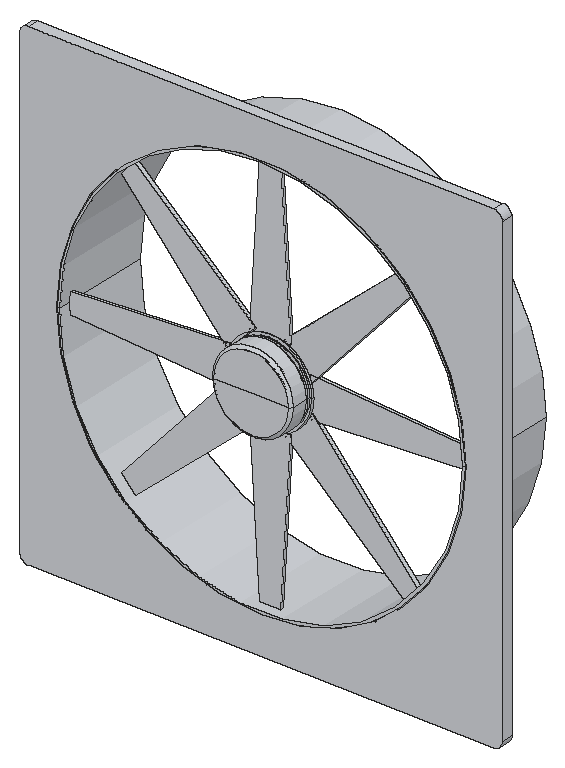
Revit family "CADS_Vent-Axia_MechEquip_Fan_ESP_3Ph4P - EXTRACT", category Mechanical Equipment, Revit 2020
Family settings
  Round Connector Dimension = Use Diameter
  Part Type = Normal
  OmniClass Number = 23.75.00.00
  OmniClass Title = Climate Control (HVAC)
  Work Plane-Based = No
  Always vertical = Yes
  Cut with Voids When Loaded = No
  Shared = No
  Room Calculation Point = No
Parameters (values of type "T100_ESP71034")
  WorkingPressure = 0.0 Pa
  WarrantyStartDate [instance] = "1900-12-31T23:59:59"
  WarrantyPeriod = ""
  WarrantyIdentifier = "N/A"
  WarrantyGuarantorParts = "tech@vent-axia.com"
  WarrantyGuarantorLabor = "tech@vent-axia.com"
  WarrantyGuarantor = "Vent-Axia Limited"
  WarrantyEndDate [instance] = "1900-12-31T23:59:59"
  WarrantyContent = ""
  TemperatureRange = ""
  TagNumber [instance] = "N/A"
  SustainabilityPerformance = ""
  Status = "New"
  Size = ""
  Shape = ""
  ServiceLifeType = ""
  ServiceLifeDuration = ""
  SerialNumber [instance] = "N/A"
  ReplacementCost = ""
  RatedVoltage = 0 V
  RatedCurrent = 0 A
  Quantity = 1
  ProductionYear = ""
  PressureCurve = ""
  PowerFactor = ""
  PointOfContact = ""
  NumberOfPoles = 0
  NominalWidth = 850 mm
  NominalLength = 176.5 mm
  NominalHeight = 850 mm
  NominalFrequencyRange = ""
  NominalDiameter = 710 mm
  ModelReference = "AXIAL PLATE FAN 710DIA 3PH 4 POLE, FC071-4DQ.6N.A7"
  ModelNumber = "T100_ESP71034"
  Material = ""
  ManufacturerE-Mail = "tech@vent-axia.com"
  ManufacturerAddress = "Fleming Way\nCrawley \nRH10 9YX"
  IsExtendedWarranty = no
  InsulationStandardClass = ""
  InstallationDate [instance] = "1900-12-31T23:59:59"
  IfcExportType [instance] = ""
  IfcExportAs = "IfcFanType"
  IP_Code = ""
  HasProtectiveEarth = no
  GrossWeight = 0.00 kg
  Grade = ""
  GlobalTradeItemNumber [instance] = "N/A"
  G = 20 mm
  Fitting Type = "Ignore"
  Finish = ""
  Features = ""
  ExteriorInsulation = no
  ExpectedServiceLife = 0
  Exclusions = ""
  E = 37 mm
  DurationUnit = "Year"
  Default Elevation = 0 mm
  Constituents = ""
  ConductorFunction = ""
  Color = ""
  CodePerformance = ""
  Category = ""
  CADS_Usage = 0
  CADS_Index = 0
  AssetType = "FIXED"
  AssetIdentifier [instance] = "N/A"
  AssemblyPlace = "UNKNOWN"
  ArticleNumber [instance] = "N/A"
  AirflowRateRange = 0.0 L/s
  Air Flow [instance] = 0.0 L/s
  AccessibilityPerformance = ""
  A = 850 mm
Types (8, lengths in mm): name | NominalWidth | NominalLength | NominalHeight | NominalDiameter | ModelReference | ModelNumber | G | E | A
  T100_ESP31534 | 430 | 84 | 430 | 315 | "AXIAL PLATE FAN 315DIA 3PH 4 POLE  142406-FC031" | "T100_ESP31534" | 19 | 84 | 430
  T100_ESP35534 | 485 | 97 | 485 | 355 | "AXIAL PLATE FAN 355DIA 3PH 4 POLE" | "T100_ESP35534" | 21 | 86 | 485
  T100_ESP40034 | 540 | 100 | 540 | 400 | "AXIAL PLATE FAN 400DIA 3PH 4 POLE" | "T100_ESP40034" | 12 | 93 | 540
  T100_ESP45034 | 575 | 139 | 575 | 450 | "AXIAL PLATE FAN 450DIA 3PH 4 POLE" | "T100_ESP45034" | 14 | 86 | 575
  T100_ESP50034 | 655 | 141 | 655 | 500 | "AXIAL PLATE FAN 500DIA 3PH 4 POLE" | "T100_ESP50034" | 16 | 84 | 655
  T100_ESP56034B | 725 | 142.5 | 725 | 560 | "560MM 3PH 4P PLATE FAN FC056-4DQ.4I.A7 169496" | "T100_ESP56034B" | 16 | 81 | 725
  T100_ESP63034 | 805 | 142.5 | 805 | 630 | "AXIAL PLATE FAN 630DIA 3PH 4 POLE" | "T100_ESP63034" | 20 | 82 | 805
  T100_ESP71034 | 850 | 176.5 | 850 | 710 | "AXIAL PLATE FAN 710DIA 3PH 4 POLE, FC071-4DQ.6N.A7" | "T100_ESP71034" | 20 | 37 | 850
Reference planes
  plane 1 "Center (Front/Back)": y = 0
  plane 2: z = 0
  plane 3 "Center (Left/Right)": x = 0
  plane 4: x = -355
  plane 5: x = 355
  plane 6 "F": y = -20
  plane 7 "B": y = 156.5
  plane 8: x = -425
  plane 9: x = -360
  plane 10 "top": z = 355
  plane 11: z = -355
  plane 12: x = 425
  plane 13: z = 425
  plane 14: z = -425
Forms (mm)
  Revolve 1, solid
    sketch origin (0, 0, 0) x (1, 0, 0) y (0, 1, 0)
      loop
        line (-360, -20) -> (-355, -20) -> (-355, 156.5) -> (-360, 156.5) -> (-360, -20)
      axis (0, 156.5) -> (0, -20)
    angle from 0 to 360
  Extrusion 2, solid
    sketch origin (0, 0, 0) x (1, 0, 0) y (0, 0, 1)
      loop
        arc (-410, 425) -> (-420.607, 420.607) -> (-425, 410) r 15
        line (-425, 410) -> (-425, -410)
        arc (-425, -410) -> (-420.607, -420.607) -> (-410, -425) r 15
        line (-410, -425) -> (410, -425)
        arc (410, -425) -> (420.607, -420.607) -> (425, -410) r 15
        line (425, -410) -> (425, 410)
        arc (425, 410) -> (420.607, 420.607) -> (410, 425) r 15
        line (410, 425) -> (-410, 425)
      loop
        circle (0, 0) r 360
    from 0 to 20 <- "G"
Dimensions and locks
  equal spacing: plane 4, plane 3 "Center (Left/Right)", plane 5
  "NominalLength": plane 7 "B" to plane 6 "F"
  "NominalDiameter": plane 4 to plane 5
  locked: plane 9 to plane 4 at 5
  equal spacing: plane 10 "top", level, plane 11
  "NominalDiameter": plane 10 "top" to plane 11
  equal spacing: plane 12, plane 3 "Center (Left/Right)", plane 8
  "A": plane 12 to plane 8
  equal spacing: plane 13, level, plane 14
  "A": plane 13 to plane 14
  "G": plane 6 "F" to plane 1 "Center (Front/Back)"
  aligned and locked: level to plane 2
  aligned and locked: Extrusion 2 sketch curve to Revolve 1  (x2)
Automatic sketch dimensions
  plane 6 "F" to Revolve 1 sketch curve = 0 mm
  Revolve 1 sketch curve to plane 4 = 0 mm
  Revolve 1 sketch curve to plane 3 "Center (Left/Right)" = 0 mm
  plane 1 "Center (Front/Back)" to Revolve 1 sketch curve = 0 mm
  Revolve 1 sketch curve to plane 7 "B" = 0 mm
  plane 6 "F" to Revolve 1 sketch curve = 115 mm
  Revolve 1 sketch curve to plane 9 = 0 mm
  Extrusion 2 sketch curve to plane 8 = 0 mm
  Extrusion 2 sketch curve to plane 13 = 0 mm
  Extrusion 2 sketch curve to plane 14 = 0 mm
  plane 12 to Extrusion 2 sketch curve = 0 mm
  plane 8 to Extrusion 2 sketch curve = 15 mm  (x2)
  plane 12 to Extrusion 2 sketch curve = 15 mm  (x2)
Nested families
  nested 1: "Fan for ESP" at (0, 0, 0), ND <- "NominalDiameter", BE <- "E", type "Fan for ESP"
    with hub 71 mm, ND 710 mm, BoltPCD 56.8 mm, Bolt Count 8, B_Diam 10 mm, BE 37 mm
  nested 2: "ESC Blade" at (0, 0, 0), type "ESC Blade"
    with a 20.00°, HR 71 mm, HD 142 mm, BT 35.5 mm, BR 284 mm, BH 40 mm, BD 710 mm, BB 71 mm
  nested 3: "ESC Blade" at (0, 0, 0) x (0.7071, 0, -0.7071) z (0.7071, 0, 0.7071), type "ESC Blade"
    with a 20.00°, HR 71 mm, HD 142 mm, BT 35.5 mm, BR 284 mm, BH 40 mm, BD 710 mm, BB 71 mm
  nested 4: "ESC Blade" at (0, 0, 0) x (0, 0, -1) z (1, 0, 0), type "ESC Blade"
    with a 20.00°, HR 71 mm, HD 142 mm, BT 35.5 mm, BR 284 mm, BH 40 mm, BD 710 mm, BB 71 mm
  nested 5: "ESC Blade" at (0, 0, 0) x (-0.7071, 0, -0.7071) z (0.7071, 0, -0.7071), type "ESC Blade"
    with a 20.00°, HR 71 mm, HD 142 mm, BT 35.5 mm, BR 284 mm, BH 40 mm, BD 710 mm, BB 71 mm
  nested 6: "ESC Blade" at (0, 0, 0) x (-1, 0, 0) z (0, 0, -1), type "ESC Blade"
    with a 20.00°, HR 71 mm, HD 142 mm, BT 35.5 mm, BR 284 mm, BH 40 mm, BD 710 mm, BB 71 mm
  nested 7: "ESC Blade" at (0, 0, 0) x (-0.7071, 0, -0.7071) z (-0.7071, 0, 0.7071), type "ESC Blade"
    with a 20.00°, HR 71 mm, HD 142 mm, BT 35.5 mm, BR 284 mm, BH 40 mm, BD 710 mm, BB 71 mm
  nested 8: "ESC Blade" at (0, 0, 0) x (0, 0, -1) z (-1, 0, 0), type "ESC Blade"
    with a 20.00°, HR 71 mm, HD 142 mm, BT 35.5 mm, BR 284 mm, BH 40 mm, BD 710 mm, BB 71 mm
  nested 9: "ESC Blade" at (0, 0, 0) x (0.7071, 0, -0.7071) z (-0.7071, 0, -0.7071), type "ESC Blade"
    with a 20.00°, HR 71 mm, HD 142 mm, BT 35.5 mm, BR 284 mm, BH 40 mm, BD 710 mm, BB 71 mm
Connectors
  hvac at (0, -20, 0), driven by "NominalDiameter", driven by "Air Flow"
    settings: on Revolve 1, index 1, duct flow 0.0 L/s, flow factor 0, pres drop 0.0 Pa, loss coef 0, conn angle 0.00°, conn width 304.8 mm, conn height 304.8 mm, conn diameter 710 mm, duct sys type 2, conn prof type 0, flow config 0, flow direction 1, loss method 0, conn ref index -1, conn util no, is conn primary yes, conn desc ""
  hvac at (0, 156.5, 0), driven by "NominalDiameter", driven by "Air Flow"
    settings: on Revolve 1, index 2, duct flow 0.0 L/s, flow factor 0, pres drop 0.0 Pa, loss coef 0, conn angle 0.00°, conn width 304.8 mm, conn height 304.8 mm, conn diameter 710 mm, duct sys type 3, conn prof type 0, flow config 1, flow direction 2, loss method 0, conn ref index -1, conn util no, is conn primary no, conn desc ""
Definition of nested family "Fan for ESP"
  Parameters (values of type "Fan for ESP")
    hub [instance] = ND / 10  # 25.1 mm
    ND [instance] = 251 mm
    Model = "."
    Default Elevation = 0 mm
    BoltPCD [instance] = hub - (hub * 0.2)  # 20.08 mm
    Bolt Count [instance] = if(hub < 50 mm, 6, 8)  # 6
    B_Diam [instance] = if(hub < 50 mm, 5 mm, 10 mm)  # 5 mm
    BE [instance] = 84 mm
  Reference planes
    plane 1 "Center (Front/Back)": y = 0
    plane 2: z = 0
    plane 3 "Center (Left/Right)": x = 0
    plane 4 "back": y = 20
    plane 5 "boss": y = -89
    plane 6 "B": z = 25.1
    plane 7: x = -30.1
    plane 8: x = -25.1
    plane 9 "hubface": y = -5
    plane 10: x = -20.1
    plane 11: y = -84
  Forms (mm)
    Revolve 1, solid
      sketch origin (0, 0, 0) x (1, 0, 0) y (0, 1, 0)
        loop
          line (0, -5) -> (0, 10.504) -> (-30.1, 10.504) -> (-30.1, -2.597) -> (-25.1, -2.597) -> (-25.1, -5) -> (0, -5)
        axis (0, 10.504) -> (0, -5)
      angle from 0 to 360
    Extrusion 2, solid, not visible
      sketch origin (0, -6.347, -4) x (-1, 0, 0) y (0, 0, 1)
        loop
          circle (0, 84) r 5
      from 0 to 3
    Revolve 3, solid
      sketch origin (0, 0, 0) x (1, 0, 0) y (0, 1, 0)
        loop
          line (-20.1, -5) -> (-25.1, -10) -> (-25.1, -84) -> (-20.1, -89) -> (0, -89) -> (0, -5) -> (-20.1, -5)
        axis (0, -5) -> (0, -89)
      angle from 0 to 360
  Lines and regions (mm)
    symbolic lines
      curve 1: circle (0, -89, 0) r 20.08 normal (0, 1, 0)
    model lines, not visible
      curve 2: line (0, -6.347, 85) -> (0, -6.347, 75)
  Dimensions and locks
    "hub": plane 6 "B" to plane 2
    "hub": nested 3 to plane 3 "Center (Left/Right)"
    "hub": nested 4 to plane 3 "Center (Left/Right)"
    "hub": nested 5 to plane 3 "Center (Left/Right)"
    "hub": plane 3 "Center (Left/Right)" to nested 6
    "hub": plane 3 "Center (Left/Right)" to nested 7
    "hub": plane 3 "Center (Left/Right)" to nested 8
    "hub": plane 3 "Center (Left/Right)" to nested 9
    "hub": plane 8 to plane 3 "Center (Left/Right)"
    plane 7 to plane 8 = 5 mm
    "BE": plane 5 "boss" to plane 9 "hubface"
    locked: plane 11 to plane 5 "boss" at 5
    plane 8 to plane 10 = 5 mm
    locked: plane 9 "hubface" to plane 1 "Center (Front/Back)" at 5
    diameter of Extrusion 2 sketch curve = 10 mm
    "BoltPCD": radius of curve 1
    aligned and locked: level to plane 2
    aligned and locked: plane 6 "B" to nested 1
  Automatic sketch dimensions
    Revolve 1 sketch curve to plane 7 = 0 mm
    Revolve 1 sketch curve to plane 8 = 0 mm
    Revolve 1 sketch curve to plane 3 "Center (Left/Right)" = 0 mm  (x2)
    Revolve 1 sketch curve to plane 9 "hubface" = 0 mm
    plane 1 "Center (Front/Back)" to Revolve 1 sketch curve = 2.597 mm
    plane 4 "back" to Revolve 1 sketch curve = 5 mm
    plane 4 "back" to Revolve 1 sketch curve = 9.496 mm
    Revolve 1 sketch curve to Revolve 1 sketch curve = 54.496 mm
    Revolve 3 sketch curve to plane 8 = 0 mm
    Revolve 3 sketch curve to plane 5 "boss" = 0 mm
    Revolve 3 sketch curve to plane 10 = 0 mm  (x2)
    Revolve 3 sketch curve to plane 9 "hubface" = 0 mm
    Revolve 3 sketch curve to plane 3 "Center (Left/Right)" = 0 mm  (x2)
    Revolve 3 sketch curve to plane 11 = 0 mm
    Revolve 3 sketch curve to plane 9 "hubface" = 5 mm
    plane 4 "back" to Revolve 3 sketch curve = 4.08 mm
    Revolve 3 sketch curve to plane 4 "back" = 3.828 mm
    curve 1 to level = 0 mm
    curve 1 to plane 3 "Center (Left/Right)" = 0 mm
  Nested families
    nested 1: "ESC Blade" at (0, 0, 0), BD <- "ND", HD <- "hub", type "ESC Blade"
      with a 20.00°, HR 25.1 mm, HD 50.2 mm, BT 12.55 mm, BR 100.4 mm, BH 40 mm, BD 251 mm, BB 25.1 mm
    nested 2: "ESC Blade" at (0, 0, 755), BD <- "ND", HD <- "hub", type "ESC Blade", not visible
      with a 20.00°, HR 25.1 mm, HD 50.2 mm, BT 12.55 mm, BR 100.4 mm, BH 40 mm, BD 251 mm, BB 25.1 mm
    nested 3: "ESC Blade" at (0, 0, 0) x (0.7071, 0, -0.7071) z (0.7071, 0, 0.7071), BD <- "ND", HD <- "hub", type "ESC Blade"
      with a 20.00°, HR 25.1 mm, HD 50.2 mm, BT 12.55 mm, BR 100.4 mm, BH 40 mm, BD 251 mm, BB 25.1 mm
    nested 4: "ESC Blade" at (0, 0, 0) x (0, 0, -1) z (1, 0, 0), BD <- "ND", HD <- "hub", type "ESC Blade"
      with a 20.00°, HR 25.1 mm, HD 50.2 mm, BT 12.55 mm, BR 100.4 mm, BH 40 mm, BD 251 mm, BB 25.1 mm
    nested 5: "ESC Blade" at (0, 0, 0) x (-0.7071, 0, -0.7071) z (0.7071, 0, -0.7071), BD <- "ND", HD <- "hub", type "ESC Blade"
      with a 20.00°, HR 25.1 mm, HD 50.2 mm, BT 12.55 mm, BR 100.4 mm, BH 40 mm, BD 251 mm, BB 25.1 mm
    nested 6: "ESC Blade" at (0, 0, 0) x (-1, 0, 0) z (0, 0, -1), BD <- "ND", HD <- "hub", type "ESC Blade"
      with a 20.00°, HR 25.1 mm, HD 50.2 mm, BT 12.55 mm, BR 100.4 mm, BH 40 mm, BD 251 mm, BB 25.1 mm
    nested 7: "ESC Blade" at (0, 0, 0) x (-0.7071, 0, -0.7071) z (-0.7071, 0, 0.7071), BD <- "ND", HD <- "hub", type "ESC Blade"
      with a 20.00°, HR 25.1 mm, HD 50.2 mm, BT 12.55 mm, BR 100.4 mm, BH 40 mm, BD 251 mm, BB 25.1 mm
    nested 8: "ESC Blade" at (0, 0, 0) x (0, 0, -1) z (-1, 0, 0), BD <- "ND", HD <- "hub", type "ESC Blade"
      with a 20.00°, HR 25.1 mm, HD 50.2 mm, BT 12.55 mm, BR 100.4 mm, BH 40 mm, BD 251 mm, BB 25.1 mm
    nested 9: "ESC Blade" at (0, 0, 0) x (0.7071, 0, -0.7071) z (-0.7071, 0, -0.7071), BD <- "ND", HD <- "hub", type "ESC Blade"
      with a 20.00°, HR 25.1 mm, HD 50.2 mm, BT 12.55 mm, BR 100.4 mm, BH 40 mm, BD 251 mm, BB 25.1 mm
  Definition of nested family "ESC Blade"
    Parameters (values of type "ESC Blade")
      a [instance] = 20.00°
      HR [instance] = HD / 2  # 30 mm
      HD [instance] = BD / 5  # 60 mm
      Default Elevation = 1219.2 mm
      BT [instance] = BD / 20  # 15 mm
      BR [instance] = (BD / 2) - HR  # 120 mm
      BH [instance] = 40 mm
      BD [instance] = 300 mm
      BB [instance] = BD / 10  # 30 mm
    Reference planes
      plane 1 "Center (Front/Back)": y = 0
      plane 2: z = 0
      plane 3 "Center (Left/Right)": x = 0
      plane 4 "Blade Bot": z = 30
      plane 5: x = -15
      plane 6: x = 15
      plane 7: x = -7.5
      plane 8: x = 7.5
    Forms (mm)
      Blend 1, solid
        base sketch origin (0, 0, 30) x (-1, 0, 0) y (0, -1, 0)
          loop
            line (15, 0) -> (-15, 0) -> (-15, -6) -> (15, -6) -> (15, 0)
        top sketch origin (0, 0, 30) x (-1, 0, 0) y (0, -1, 0)
          loop
            line (7.5, -6) -> (7.5, 0) -> (-7.5, 0) -> (-7.5, -6) -> (7.5, -6)
        from 0 to 120 <- "BR"
    Dimensions and locks
      "HR": plane 4 "Blade Bot" to level
      equal spacing: plane 8, plane 3 "Center (Left/Right)", plane 7
      "BT": plane 8 to plane 7
      equal spacing: plane 6, plane 3 "Center (Left/Right)", plane 5
      "BB": plane 6 to plane 5
      aligned and locked: level to plane 2
    Automatic sketch dimensions
      plane 1 "Center (Front/Back)" to Blend 1 sketch curve = 0 mm  (x2)
      Blend 1 sketch curve to plane 6 = 0 mm
      Blend 1 sketch curve to plane 5 = 0 mm
      Blend 1 sketch curve to plane 1 "Center (Front/Back)" = 6 mm  (x2)
      Blend 1 sketch curve to plane 8 = 0 mm
      Blend 1 sketch curve to plane 7 = 0 mm
Definition of nested family "ESC Blade"
  Parameters (values of type "ESC Blade")
    a [instance] = 20.00°
    HR [instance] = HD / 2  # 30 mm
    HD [instance] = BD / 5  # 60 mm
    Default Elevation = 1219.2 mm
    BT [instance] = BD / 20  # 15 mm
    BR [instance] = (BD / 2) - HR  # 120 mm
    BH [instance] = 40 mm
    BD [instance] = 300 mm
    BB [instance] = BD / 10  # 30 mm
  Reference planes
    plane 1 "Center (Front/Back)": y = 0
    plane 2: z = 0
    plane 3 "Center (Left/Right)": x = 0
    plane 4 "Blade Bot": z = 30
    plane 5: x = -15
    plane 6: x = 15
    plane 7: x = -7.5
    plane 8: x = 7.5
  Forms (mm)
    Blend 1, solid
      base sketch origin (0, 0, 30) x (-1, 0, 0) y (0, -1, 0)
        loop
          line (15, 0) -> (-15, 0) -> (-15, -6) -> (15, -6) -> (15, 0)
      top sketch origin (0, 0, 30) x (-1, 0, 0) y (0, -1, 0)
        loop
          line (7.5, -6) -> (7.5, 0) -> (-7.5, 0) -> (-7.5, -6) -> (7.5, -6)
      from 0 to 120 <- "BR"
  Dimensions and locks
    "HR": plane 4 "Blade Bot" to level
    equal spacing: plane 8, plane 3 "Center (Left/Right)", plane 7
    "BT": plane 8 to plane 7
    equal spacing: plane 6, plane 3 "Center (Left/Right)", plane 5
    "BB": plane 6 to plane 5
    aligned and locked: level to plane 2
  Automatic sketch dimensions
    plane 1 "Center (Front/Back)" to Blend 1 sketch curve = 0 mm  (x2)
    Blend 1 sketch curve to plane 6 = 0 mm
    Blend 1 sketch curve to plane 5 = 0 mm
    Blend 1 sketch curve to plane 1 "Center (Front/Back)" = 6 mm  (x2)
    Blend 1 sketch curve to plane 8 = 0 mm
    Blend 1 sketch curve to plane 7 = 0 mm
